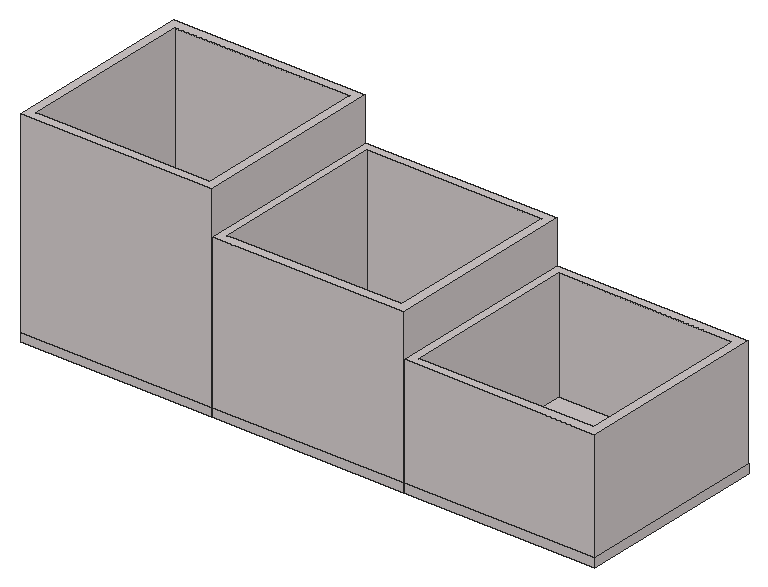
Revit family
Parameters (values of type "1350 x 450 mm")
  Width = 450 mm
  Material = Concrete - Precast
  Length-C = 450 mm
  Length-B = 450 mm
  Length-A = 450 mm
  Height-C = 300 mm
  Height-B = 400 mm
  Height-A = 500 mm
Reference planes
  plane 1 "Center (Front/Back)": y = 0
  plane 2: z = 0
  plane 3 "Center (Left/Right)": x = 0
  plane 4: x = -225
  plane 5: x = -675
  plane 6: x = 225
  plane 7: x = 675
  plane 8: y = 225
  plane 9: y = -225
  plane 10: z = 500
  plane 11: z = 400
  plane 12: z = 300
Forms (mm)
  Extrusion 1, solid, material "Concrete - Precast" <- "Material"
    sketch origin (0, 0, 0) x (1, 0, 0) y (0, 1, 0)
      loop
        line (-600, 150) -> (-600, -150) -> (-300, -150) -> (-300, 150) -> (-600, 150)
    from 0 to 20
  Extrusion 2, solid, material "Concrete - Precast" <- "Material"
    sketch origin (0, 0, 0) x (1, 0, 0) y (0, 1, 0)
      loop
        line (-675, 225) -> (-675, -225) -> (-225, -225) -> (-225, 225) -> (-675, 225)
      loop
        line (-655, 205) -> (-655, -205) -> (-245, -205) -> (-245, 205) -> (-655, 205)
    from 40 to 500
  Extrusion 3, solid, material "Concrete - Precast" <- "Material"
    sketch origin (0, 0, 0) x (1, 0, 0) y (0, 1, 0)
      loop
        line (-675, 225) -> (-675, -225) -> (-225, -225) -> (-225, 225) -> (-675, 225)
    from 20 to 40
  Extrusion 4, solid, material "Concrete - Precast" <- "Material"
    sketch origin (0, 0, 0) x (1, 0, 0) y (0, 1, 0)
      loop
        line (-150, 150) -> (-150, -150) -> (150, -150) -> (150, 150) -> (-150, 150)
    from 0 to 20
  Extrusion 5, solid, material "Concrete - Precast" <- "Material"
    sketch origin (0, 0, 0) x (1, 0, 0) y (0, 1, 0)
      loop
        line (-225, 225) -> (-225, -225) -> (225, -225) -> (225, 225) -> (-225, 225)
    from 20 to 40
  Extrusion 6, solid, material "Concrete - Precast" <- "Material"
    sketch origin (0, 0, 0) x (1, 0, 0) y (0, 1, 0)
      loop
        line (-225, 225) -> (-225, -225) -> (225, -225) -> (225, 225) -> (-225, 225)
      loop
        line (-205, 205) -> (-205, -205) -> (205, -205) -> (205, 205) -> (-205, 205)
    from 40 to 400
  Extrusion 7, solid, material "Concrete - Precast" <- "Material"
    sketch origin (0, 0, 0) x (1, 0, 0) y (0, 1, 0)
      loop
        line (300, 150) -> (300, -150) -> (600, -150) -> (600, 150) -> (300, 150)
    from 0 to 20
  Extrusion 8, solid, material "Concrete - Precast" <- "Material"
    sketch origin (0, 0, 0) x (1, 0, 0) y (0, 1, 0)
      loop
        line (225, 225) -> (225, -225) -> (675, -225) -> (675, 225) -> (225, 225)
    from 20 to 40
  Extrusion 9, solid, material "Concrete - Precast" <- "Material"
    sketch origin (0, 0, 0) x (1, 0, 0) y (0, 1, 0)
      loop
        line (225, 225) -> (225, -225) -> (675, -225) -> (675, 225) -> (225, 225)
      loop
        line (245, 205) -> (245, -205) -> (655, -205) -> (655, 205) -> (245, 205)
    from 40 to 300
Lines and regions (mm)
  symbolic lines
    curve 1: line (-675, 225, 0) -> (-225, 225, 0)
    curve 2: line (-675, -225, 0) -> (-675, 225, 0)
    curve 3: line (-225, -225, 0) -> (-675, -225, 0)
    curve 4: line (-225, 225, 0) -> (-225, -225, 0)
    curve 5: line (-655, 205, 0) -> (-245, 205, 0)
    curve 6: line (-655, -205, 0) -> (-655, 205, 0)
    curve 7: line (-245, -205, 0) -> (-655, -205, 0)
    curve 8: line (-245, 205, 0) -> (-245, -205, 0)
    curve 9: line (-205, 205, 0) -> (205, 205, 0)
    curve 10: line (-205, -205, 0) -> (-205, 205, 0)
    curve 11: line (205, -205, 0) -> (-205, -205, 0)
    curve 12: line (205, 205, 0) -> (205, -205, 0)
    curve 13: line (225, 225, 0) -> (675, 225, 0)
    curve 14: line (225, -225, 0) -> (225, 225, 0)
    curve 15: line (675, -225, 0) -> (225, -225, 0)
    curve 16: line (675, 225, 0) -> (675, -225, 0)
    curve 17: line (245, 205, 0) -> (655, 205, 0)
    curve 18: line (245, -205, 0) -> (245, 205, 0)
    curve 19: line (655, -205, 0) -> (245, -205, 0)
    curve 20: line (655, 205, 0) -> (655, -205, 0)
    curve 21: line (225, 225, 0) -> (-225, 225, 0)
    curve 22: line (-225, -225, 0) -> (225, -225, 0)
Dimensions and locks
  "Height-A": plane 10 to level
  "Height-B": plane 11 to level
  "Height-C": plane 12 to level
  "Length-A": plane 5 to plane 4
  "Length-C": plane 6 to plane 7
  "Length-B": plane 4 to plane 6
  equal spacing: plane 4, plane 3 "Center (Left/Right)", plane 6
  equal spacing: plane 9, plane 1 "Center (Front/Back)", plane 8
  "Width": plane 9 to plane 8
  plane 5 to plane 7 = 1350 mm
  aligned and locked: Extrusion 1 to level
  aligned and locked: plane 5 to Extrusion 2 sketch curve
  aligned and locked: Extrusion 2 sketch curve to plane 8
  aligned and locked: Extrusion 2 sketch curve to plane 9
  aligned and locked: Extrusion 2 sketch curve to plane 4
  aligned and locked: Extrusion 3 sketch curve to Extrusion 2  (x3)
  aligned and locked: Extrusion 2 to Extrusion 3 sketch curve
  aligned and locked: Extrusion 3 to Extrusion 1
  aligned and locked: Extrusion 2 to Extrusion 3
  aligned and locked: Extrusion 2 to plane 10
  aligned and locked: Extrusion 4 to level
  aligned and locked: Extrusion 2 to Extrusion 5 sketch curve
  aligned and locked: Extrusion 5 sketch curve to Extrusion 2
  aligned and locked: plane 9 to Extrusion 5 sketch curve
  aligned and locked: Extrusion 5 sketch curve to plane 6
  aligned and locked: Extrusion 3 to Extrusion 5
  aligned and locked: Extrusion 2 to Extrusion 6 sketch curve
  aligned and locked: Extrusion 6 sketch curve to Extrusion 2
  aligned and locked: Extrusion 5 to Extrusion 6 sketch curve
  aligned and locked: Extrusion 6 sketch curve to Extrusion 5
  aligned and locked: Extrusion 2 to Extrusion 6
  aligned and locked: Extrusion 6 to plane 11
  aligned and locked: Extrusion 5 to Extrusion 8 sketch curve
  aligned and locked: Extrusion 8 sketch curve to Extrusion 5
  aligned and locked: plane 9 to Extrusion 8 sketch curve
  aligned and locked: Extrusion 8 sketch curve to plane 7
  aligned and locked: Extrusion 4 to Extrusion 8
  aligned and locked: Extrusion 5 to Extrusion 9 sketch curve
  aligned and locked: Extrusion 9 sketch curve to Extrusion 8  (x2)
  aligned and locked: Extrusion 8 to Extrusion 9 sketch curve
  aligned and locked: Extrusion 9 to plane 12
  aligned and locked: Extrusion 2 to Extrusion 9
Automatic sketch dimensions
  plane 5 to Extrusion 1 sketch curve = 75 mm
  Extrusion 1 sketch curve to plane 4 = 75 mm
  Extrusion 1 sketch curve to plane 9 = 75 mm
  plane 8 to Extrusion 1 sketch curve = 75 mm
  plane 5 to Extrusion 2 sketch curve = 20 mm
  Extrusion 2 sketch curve to plane 4 = 20 mm
  Extrusion 2 sketch curve to plane 9 = 20 mm
  plane 8 to Extrusion 2 sketch curve = 20 mm
  plane 4 to Extrusion 4 sketch curve = 75 mm
  Extrusion 4 sketch curve to plane 6 = 75 mm
  Extrusion 4 sketch curve to plane 9 = 75 mm
  plane 8 to Extrusion 4 sketch curve = 75 mm
  plane 4 to Extrusion 6 sketch curve = 20 mm
  Extrusion 6 sketch curve to plane 6 = 20 mm
  Extrusion 6 sketch curve to plane 9 = 20 mm
  plane 8 to Extrusion 6 sketch curve = 20 mm
  plane 6 to Extrusion 7 sketch curve = 75 mm
  Extrusion 7 sketch curve to plane 7 = 75 mm
  Extrusion 7 sketch curve to plane 9 = 75 mm
  plane 8 to Extrusion 7 sketch curve = 75 mm
  plane 6 to Extrusion 9 sketch curve = 20 mm
  Extrusion 9 sketch curve to plane 7 = 20 mm
  Extrusion 9 sketch curve to plane 9 = 20 mm
  plane 8 to Extrusion 9 sketch curve = 20 mm
  curve 1 to plane 5 = 0 mm
  curve 22 to plane 4 = 0 mm
  curve 22 to plane 6 = 0 mm
  curve 13 to plane 7 = 0 mm
  curve 22 to plane 9 = 0 mm
  curve 13 to plane 8 = 0 mm
  plane 5 to curve 7 = 20 mm
  curve 7 to plane 4 = 20 mm
  plane 4 to curve 10 = 20 mm
  curve 12 to plane 6 = 20 mm
  plane 6 to curve 17 = 20 mm
  curve 19 to plane 7 = 20 mm
  curve 6 to plane 9 = 20 mm
  curve 20 to plane 9 = 20 mm
  curve 11 to plane 9 = 20 mm
  plane 8 to curve 5 = 20 mm
  plane 8 to curve 10 = 20 mm
  plane 8 to curve 18 = 20 mm
